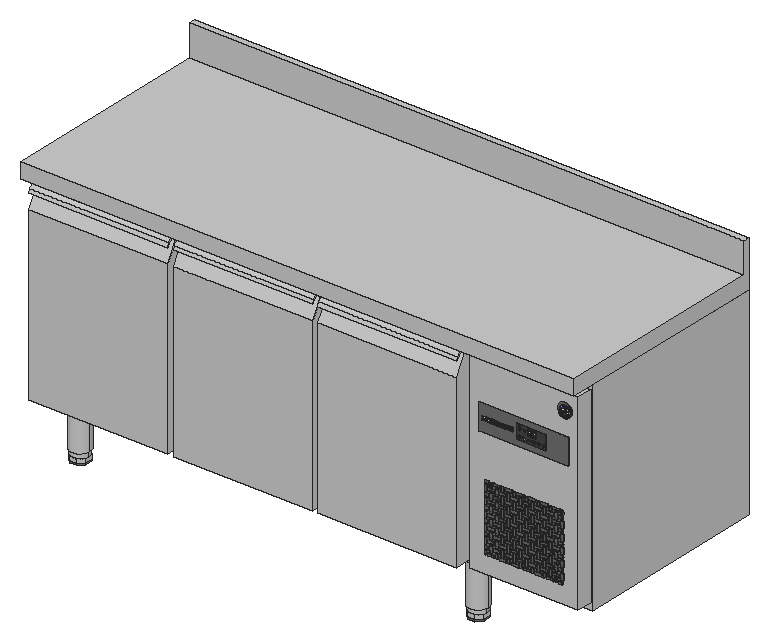
Revit family "QF_HOSHIZAKI_899020844", category Specialty Equipment, Revit 2016 (continued)
Definition of nested family "QF_HOSHIZAKI_899020844_230V_1Ph_50Hz"
  Definition of nested family "Control-panel"
    Forms (mm)
      Extrusion 1, solid
        sketch origin (-3653, 19.5, -135) x (-1, 0, 0) y (0, 0, 1)
          loop
            line (-3824.025, 276.976) -> (-3824.025, 283.976) -> (-3831.025, 283.976) -> (-3831.025, 276.976) -> (-3824.025, 276.976)
          loop
            line (-3805.025, 276.976) -> (-3805.025, 283.976) -> (-3812.025, 283.976) -> (-3812.025, 276.976) -> (-3805.025, 276.976)
          loop
            line (-3786.025, 276.976) -> (-3786.025, 283.976) -> (-3793.025, 283.976) -> (-3793.025, 276.976) -> (-3786.025, 276.976)
          loop
            line (-3767.025, 276.976) -> (-3767.025, 283.976) -> (-3774.025, 283.976) -> (-3774.025, 276.976) -> (-3767.025, 276.976)
          loop
            line (-3748.025, 276.976) -> (-3748.025, 283.976) -> (-3755.025, 283.976) -> (-3755.025, 276.976) -> (-3748.025, 276.976)
          loop
            line (-3729.025, 276.976) -> (-3729.025, 283.976) -> (-3736.025, 283.976) -> (-3736.025, 276.976) -> (-3729.025, 276.976)
          loop
            line (-3710.025, 276.976) -> (-3710.025, 283.976) -> (-3717.025, 283.976) -> (-3717.025, 276.976) -> (-3710.025, 276.976)
          loop
            arc (-3719.5, 279.986) -> (-3723, 283.486) -> (-3726.5, 279.986) r 3.5
            line (-3726.5, 279.986) -> (-3726.5, 261.986)
            arc (-3726.5, 261.986) -> (-3723, 258.486) -> (-3719.5, 261.986) r 3.5
            line (-3719.5, 261.986) -> (-3719.5, 279.986)
          loop
            arc (-3757.5, 279.986) -> (-3761, 283.486) -> (-3764.5, 279.986) r 3.5
            line (-3764.5, 279.986) -> (-3764.5, 261.986)
            arc (-3764.5, 261.986) -> (-3761, 258.486) -> (-3757.5, 261.986) r 3.5
            line (-3757.5, 261.986) -> (-3757.5, 279.986)
          loop
            arc (-3795.5, 279.986) -> (-3799, 283.486) -> (-3802.5, 279.986) r 3.5
            line (-3802.5, 279.986) -> (-3802.5, 261.986)
            arc (-3802.5, 261.986) -> (-3799, 258.486) -> (-3795.5, 261.986) r 3.5
            line (-3795.5, 261.986) -> (-3795.5, 279.986)
          loop
            arc (-3833.5, 279.986) -> (-3837, 283.486) -> (-3840.5, 279.986) r 3.5
            line (-3840.5, 279.986) -> (-3840.5, 261.986)
            arc (-3840.5, 261.986) -> (-3837, 258.486) -> (-3833.5, 261.986) r 3.5
            line (-3833.5, 261.986) -> (-3833.5, 279.986)
          loop
            arc (-3871.5, 279.986) -> (-3875, 283.486) -> (-3878.5, 279.986) r 3.5
            line (-3878.5, 279.986) -> (-3878.5, 261.986)
            arc (-3878.5, 261.986) -> (-3875, 258.486) -> (-3871.5, 261.986) r 3.5
            line (-3871.5, 261.986) -> (-3871.5, 279.986)
          loop
            arc (-3909.5, 279.986) -> (-3913, 283.486) -> (-3916.5, 279.986) r 3.5
            line (-3916.5, 279.986) -> (-3916.5, 261.986)
            arc (-3916.5, 261.986) -> (-3913, 258.486) -> (-3909.5, 261.986) r 3.5
            line (-3909.5, 261.986) -> (-3909.5, 279.986)
          loop
            arc (-3951, 292.986) -> (-3954, 289.986) -> (-3951, 286.986) r 3
            line (-3951, 286.986) -> (-3942, 286.986)
            arc (-3942, 286.986) -> (-3939, 289.986) -> (-3942, 292.986) r 3
            line (-3942, 292.986) -> (-3951, 292.986)
          loop
            arc (-3947.5, 279.986) -> (-3951, 283.486) -> (-3954.5, 279.986) r 3.5
            line (-3954.5, 279.986) -> (-3954.5, 261.986)
            arc (-3954.5, 261.986) -> (-3951, 258.486) -> (-3947.5, 261.986) r 3.5
            line (-3947.5, 261.986) -> (-3947.5, 279.986)
          loop
            arc (-3941, 274.486) -> (-3944.5, 270.986) -> (-3941, 267.486) r 3.5
            line (-3941, 267.486) -> (-3923, 267.486)
            arc (-3923, 267.486) -> (-3919.5, 270.986) -> (-3923, 274.486) r 3.5
            line (-3923, 274.486) -> (-3941, 274.486)
          loop
            arc (-3903, 274.486) -> (-3906.5, 270.986) -> (-3903, 267.486) r 3.5
            line (-3903, 267.486) -> (-3885, 267.486)
            arc (-3885, 267.486) -> (-3881.5, 270.986) -> (-3885, 274.486) r 3.5
            line (-3885, 274.486) -> (-3903, 274.486)
          loop
            arc (-3865, 274.486) -> (-3868.5, 270.986) -> (-3865, 267.486) r 3.5
            line (-3865, 267.486) -> (-3847, 267.486)
            arc (-3847, 267.486) -> (-3843.5, 270.986) -> (-3847, 274.486) r 3.5
            line (-3847, 274.486) -> (-3865, 274.486)
          loop
            arc (-3827, 274.486) -> (-3830.5, 270.986) -> (-3827, 267.486) r 3.5
            line (-3827, 267.486) -> (-3809, 267.486)
            arc (-3809, 267.486) -> (-3805.5, 270.986) -> (-3809, 274.486) r 3.5
            line (-3809, 274.486) -> (-3827, 274.486)
          loop
            arc (-3789, 274.486) -> (-3792.5, 270.986) -> (-3789, 267.486) r 3.5
            line (-3789, 267.486) -> (-3771, 267.486)
            arc (-3771, 267.486) -> (-3767.5, 270.986) -> (-3771, 274.486) r 3.5
            line (-3771, 274.486) -> (-3789, 274.486)
          loop
            arc (-3751, 274.486) -> (-3754.5, 270.986) -> (-3751, 267.486) r 3.5
            line (-3751, 267.486) -> (-3733, 267.486)
            arc (-3733, 267.486) -> (-3729.5, 270.986) -> (-3733, 274.486) r 3.5
            line (-3733, 274.486) -> (-3751, 274.486)
          loop
            arc (-3713, 274.486) -> (-3716.5, 270.986) -> (-3713, 267.486) r 3.5
            line (-3713, 267.486) -> (-3704, 267.486)
            arc (-3704, 267.486) -> (-3700.5, 270.986) -> (-3704, 274.486) r 3.5
            line (-3704, 274.486) -> (-3713, 274.486)
          loop
            line (-3938.025, 264.996) -> (-3945.025, 264.996) -> (-3945.025, 257.996) -> (-3938.025, 257.996) -> (-3938.025, 264.996)
          loop
            line (-3919.025, 264.996) -> (-3926.025, 264.996) -> (-3926.025, 257.996) -> (-3919.025, 257.996) -> (-3919.025, 264.996)
          loop
            line (-3900.025, 264.996) -> (-3907.025, 264.996) -> (-3907.025, 257.996) -> (-3900.025, 257.996) -> (-3900.025, 264.996)
          loop
            line (-3881.025, 264.996) -> (-3888.025, 264.996) -> (-3888.025, 257.996) -> (-3881.025, 257.996) -> (-3881.025, 264.996)
          loop
            line (-3862.025, 264.996) -> (-3869.025, 264.996) -> (-3869.025, 257.996) -> (-3862.025, 257.996) -> (-3862.025, 264.996)
          loop
            line (-3843.025, 264.996) -> (-3850.025, 264.996) -> (-3850.025, 257.996) -> (-3843.025, 257.996) -> (-3843.025, 264.996)
          loop
            line (-3824.025, 264.996) -> (-3831.025, 264.996) -> (-3831.025, 257.996) -> (-3824.025, 257.996) -> (-3824.025, 264.996)
          loop
            line (-3805.025, 264.996) -> (-3812.025, 264.996) -> (-3812.025, 257.996) -> (-3805.025, 257.996) -> (-3805.025, 264.996)
          loop
            line (-3786.025, 264.996) -> (-3793.025, 264.996) -> (-3793.025, 257.996) -> (-3786.025, 257.996) -> (-3786.025, 264.996)
          loop
            line (-3767.025, 264.996) -> (-3774.025, 264.996) -> (-3774.025, 257.996) -> (-3767.025, 257.996) -> (-3767.025, 264.996)
          loop
            line (-3748.025, 264.996) -> (-3755.025, 264.996) -> (-3755.025, 257.996) -> (-3748.025, 257.996) -> (-3748.025, 264.996)
          loop
            line (-3729.025, 264.996) -> (-3736.025, 264.996) -> (-3736.025, 257.996) -> (-3729.025, 257.996) -> (-3729.025, 264.996)
          loop
            line (-3710.025, 264.996) -> (-3717.025, 264.996) -> (-3717.025, 257.996) -> (-3710.025, 257.996) -> (-3710.025, 264.996)
          loop
            line (-3935.5, 260.986) -> (-3935.5, 242.986)
            arc (-3935.5, 242.986) -> (-3932, 239.486) -> (-3928.5, 242.986) r 3.5
            line (-3928.5, 242.986) -> (-3928.5, 260.986)
            arc (-3928.5, 260.986) -> (-3932, 264.486) -> (-3935.5, 260.986) r 3.5
          loop
            line (-3897.5, 260.986) -> (-3897.5, 242.986)
            arc (-3897.5, 242.986) -> (-3894, 239.486) -> (-3890.5, 242.986) r 3.5
            line (-3890.5, 242.986) -> (-3890.5, 260.986)
            arc (-3890.5, 260.986) -> (-3894, 264.486) -> (-3897.5, 260.986) r 3.5
          loop
            line (-3859.5, 260.986) -> (-3859.5, 242.986)
            arc (-3859.5, 242.986) -> (-3856, 239.486) -> (-3852.5, 242.986) r 3.5
            line (-3852.5, 242.986) -> (-3852.5, 260.986)
            arc (-3852.5, 260.986) -> (-3856, 264.486) -> (-3859.5, 260.986) r 3.5
          loop
            line (-3821.5, 260.986) -> (-3821.5, 242.986)
            arc (-3821.5, 242.986) -> (-3818, 239.486) -> (-3814.5, 242.986) r 3.5
            line (-3814.5, 242.986) -> (-3814.5, 260.986)
            arc (-3814.5, 260.986) -> (-3818, 264.486) -> (-3821.5, 260.986) r 3.5
          loop
            line (-3783.5, 260.986) -> (-3783.5, 242.986)
            arc (-3783.5, 242.986) -> (-3780, 239.486) -> (-3776.5, 242.986) r 3.5
            line (-3776.5, 242.986) -> (-3776.5, 260.986)
            arc (-3776.5, 260.986) -> (-3780, 264.486) -> (-3783.5, 260.986) r 3.5
          loop
            line (-3745.5, 260.986) -> (-3745.5, 242.986)
            arc (-3745.5, 242.986) -> (-3742, 239.486) -> (-3738.5, 242.986) r 3.5
            line (-3738.5, 242.986) -> (-3738.5, 260.986)
            arc (-3738.5, 260.986) -> (-3742, 264.486) -> (-3745.5, 260.986) r 3.5
          loop
            line (-3707.5, 260.986) -> (-3707.5, 242.986)
            arc (-3707.5, 242.986) -> (-3704, 239.486) -> (-3700.5, 242.986) r 3.5
            line (-3700.5, 242.986) -> (-3700.5, 260.986)
            arc (-3700.5, 260.986) -> (-3704, 264.486) -> (-3707.5, 260.986) r 3.5
          loop
            arc (-3922, 255.486) -> (-3925.5, 251.986) -> (-3922, 248.486) r 3.5
            line (-3922, 248.486) -> (-3904, 248.486)
            arc (-3904, 248.486) -> (-3900.5, 251.986) -> (-3904, 255.486) r 3.5
            line (-3904, 255.486) -> (-3922, 255.486)
          loop
            arc (-3884, 255.486) -> (-3887.5, 251.986) -> (-3884, 248.486) r 3.5
            line (-3884, 248.486) -> (-3866, 248.486)
            arc (-3866, 248.486) -> (-3862.5, 251.986) -> (-3866, 255.486) r 3.5
            line (-3866, 255.486) -> (-3884, 255.486)
          loop
            arc (-3846, 255.486) -> (-3849.5, 251.986) -> (-3846, 248.486) r 3.5
            line (-3846, 248.486) -> (-3828, 248.486)
            arc (-3828, 248.486) -> (-3824.5, 251.986) -> (-3828, 255.486) r 3.5
            line (-3828, 255.486) -> (-3846, 255.486)
          loop
            arc (-3808, 255.486) -> (-3811.5, 251.986) -> (-3808, 248.486) r 3.5
            line (-3808, 248.486) -> (-3790, 248.486)
            arc (-3790, 248.486) -> (-3786.5, 251.986) -> (-3790, 255.486) r 3.5
            line (-3790, 255.486) -> (-3808, 255.486)
          loop
            arc (-3770, 255.486) -> (-3773.5, 251.986) -> (-3770, 248.486) r 3.5
            line (-3770, 248.486) -> (-3752, 248.486)
            arc (-3752, 248.486) -> (-3748.5, 251.986) -> (-3752, 255.486) r 3.5
            line (-3752, 255.486) -> (-3770, 255.486)
          loop
            arc (-3732, 255.486) -> (-3735.5, 251.986) -> (-3732, 248.486) r 3.5
            line (-3732, 248.486) -> (-3714, 248.486)
            arc (-3714, 248.486) -> (-3710.5, 251.986) -> (-3714, 255.486) r 3.5
            line (-3714, 255.486) -> (-3732, 255.486)
          loop
            line (-3938.025, 238.976) -> (-3938.025, 245.976) -> (-3945.025, 245.976) -> (-3945.025, 238.976) -> (-3938.025, 238.976)
          loop
            line (-3919.025, 238.976) -> (-3919.025, 245.976) -> (-3926.025, 245.976) -> (-3926.025, 238.976) -> (-3919.025, 238.976)
          loop
            line (-3900.025, 238.976) -> (-3900.025, 245.976) -> (-3907.025, 245.976) -> (-3907.025, 238.976) -> (-3900.025, 238.976)
          loop
            line (-3881.025, 238.976) -> (-3881.025, 245.976) -> (-3888.025, 245.976) -> (-3888.025, 238.976) -> (-3881.025, 238.976)
          loop
            line (-3862.025, 238.976) -> (-3862.025, 245.976) -> (-3869.025, 245.976) -> (-3869.025, 238.976) -> (-3862.025, 238.976)
          loop
            line (-3843.025, 238.976) -> (-3843.025, 245.976) -> (-3850.025, 245.976) -> (-3850.025, 238.976) -> (-3843.025, 238.976)
          loop
            line (-3824.025, 238.976) -> (-3824.025, 245.976) -> (-3831.025, 245.976) -> (-3831.025, 238.976) -> (-3824.025, 238.976)
          loop
            line (-3805.025, 238.976) -> (-3805.025, 245.976) -> (-3812.025, 245.976) -> (-3812.025, 238.976) -> (-3805.025, 238.976)
          loop
            line (-3786.025, 238.976) -> (-3786.025, 245.976) -> (-3793.025, 245.976) -> (-3793.025, 238.976) -> (-3786.025, 238.976)
          loop
            line (-3767.025, 238.976) -> (-3767.025, 245.976) -> (-3774.025, 245.976) -> (-3774.025, 238.976) -> (-3767.025, 238.976)
          loop
            line (-3748.025, 238.976) -> (-3748.025, 245.976) -> (-3755.025, 245.976) -> (-3755.025, 238.976) -> (-3748.025, 238.976)
          loop
            line (-3729.025, 238.976) -> (-3729.025, 245.976) -> (-3736.025, 245.976) -> (-3736.025, 238.976) -> (-3729.025, 238.976)
          loop
            line (-3710.025, 238.976) -> (-3710.025, 245.976) -> (-3717.025, 245.976) -> (-3717.025, 238.976) -> (-3710.025, 238.976)
          loop
            arc (-3719.5, 241.986) -> (-3723, 245.486) -> (-3726.5, 241.986) r 3.5
            line (-3726.5, 241.986) -> (-3726.5, 223.986)
            arc (-3726.5, 223.986) -> (-3723, 220.486) -> (-3719.5, 223.986) r 3.5
            line (-3719.5, 223.986) -> (-3719.5, 241.986)
          loop
            arc (-3757.5, 241.986) -> (-3761, 245.486) -> (-3764.5, 241.986) r 3.5
            line (-3764.5, 241.986) -> (-3764.5, 223.986)
            arc (-3764.5, 223.986) -> (-3761, 220.486) -> (-3757.5, 223.986) r 3.5
            line (-3757.5, 223.986) -> (-3757.5, 241.986)
          loop
            arc (-3795.5, 241.986) -> (-3799, 245.486) -> (-3802.5, 241.986) r 3.5
            line (-3802.5, 241.986) -> (-3802.5, 223.986)
            arc (-3802.5, 223.986) -> (-3799, 220.486) -> (-3795.5, 223.986) r 3.5
            line (-3795.5, 223.986) -> (-3795.5, 241.986)
          loop
            arc (-3833.5, 241.986) -> (-3837, 245.486) -> (-3840.5, 241.986) r 3.5
            line (-3840.5, 241.986) -> (-3840.5, 223.986)
            arc (-3840.5, 223.986) -> (-3837, 220.486) -> (-3833.5, 223.986) r 3.5
            line (-3833.5, 223.986) -> (-3833.5, 241.986)
          loop
            arc (-3871.5, 241.986) -> (-3875, 245.486) -> (-3878.5, 241.986) r 3.5
            line (-3878.5, 241.986) -> (-3878.5, 223.986)
            arc (-3878.5, 223.986) -> (-3875, 220.486) -> (-3871.5, 223.986) r 3.5
            line (-3871.5, 223.986) -> (-3871.5, 241.986)
          loop
            arc (-3909.5, 241.986) -> (-3913, 245.486) -> (-3916.5, 241.986) r 3.5
            line (-3916.5, 241.986) -> (-3916.5, 223.986)
            arc (-3916.5, 223.986) -> (-3913, 220.486) -> (-3909.5, 223.986) r 3.5
            line (-3909.5, 223.986) -> (-3909.5, 241.986)
          loop
            arc (-3951, 254.986) -> (-3954, 251.986) -> (-3951, 248.986) r 3
            line (-3951, 248.986) -> (-3942, 248.986)
            arc (-3942, 248.986) -> (-3939, 251.986) -> (-3942, 254.986) r 3
            line (-3942, 254.986) -> (-3951, 254.986)
          loop
            arc (-3947.5, 241.986) -> (-3951, 245.486) -> (-3954.5, 241.986) r 3.5
            line (-3954.5, 241.986) -> (-3954.5, 223.986)
            arc (-3954.5, 223.986) -> (-3951, 220.486) -> (-3947.5, 223.986) r 3.5
            line (-3947.5, 223.986) -> (-3947.5, 241.986)
          loop
            arc (-3941, 236.486) -> (-3944.5, 232.986) -> (-3941, 229.486) r 3.5
            line (-3941, 229.486) -> (-3923, 229.486)
            arc (-3923, 229.486) -> (-3919.5, 232.986) -> (-3923, 236.486) r 3.5
            line (-3923, 236.486) -> (-3941, 236.486)
          loop
            arc (-3903, 236.486) -> (-3906.5, 232.986) -> (-3903, 229.486) r 3.5
            line (-3903, 229.486) -> (-3885, 229.486)
            arc (-3885, 229.486) -> (-3881.5, 232.986) -> (-3885, 236.486) r 3.5
            line (-3885, 236.486) -> (-3903, 236.486)
          loop
            arc (-3865, 236.486) -> (-3868.5, 232.986) -> (-3865, 229.486) r 3.5
            line (-3865, 229.486) -> (-3847, 229.486)
            arc (-3847, 229.486) -> (-3843.5, 232.986) -> (-3847, 236.486) r 3.5
            line (-3847, 236.486) -> (-3865, 236.486)
          loop
            arc (-3827, 236.486) -> (-3830.5, 232.986) -> (-3827, 229.486) r 3.5
            line (-3827, 229.486) -> (-3809, 229.486)
            arc (-3809, 229.486) -> (-3805.5, 232.986) -> (-3809, 236.486) r 3.5
            line (-3809, 236.486) -> (-3827, 236.486)
          loop
            arc (-3789, 236.486) -> (-3792.5, 232.986) -> (-3789, 229.486) r 3.5
            line (-3789, 229.486) -> (-3771, 229.486)
            arc (-3771, 229.486) -> (-3767.5, 232.986) -> (-3771, 236.486) r 3.5
            line (-3771, 236.486) -> (-3789, 236.486)
          loop
            arc (-3751, 236.486) -> (-3754.5, 232.986) -> (-3751, 229.486) r 3.5
            line (-3751, 229.486) -> (-3733, 229.486)
            arc (-3733, 229.486) -> (-3729.5, 232.986) -> (-3733, 236.486) r 3.5
            line (-3733, 236.486) -> (-3751, 236.486)
          loop
            arc (-3713, 236.486) -> (-3716.5, 232.986) -> (-3713, 229.486) r 3.5
            line (-3713, 229.486) -> (-3704, 229.486)
            arc (-3704, 229.486) -> (-3700.5, 232.986) -> (-3704, 236.486) r 3.5
            line (-3704, 236.486) -> (-3713, 236.486)
          loop
            line (-3938.025, 226.996) -> (-3945.025, 226.996) -> (-3945.025, 219.996) -> (-3938.025, 219.996) -> (-3938.025, 226.996)
          loop
            line (-3919.025, 226.996) -> (-3926.025, 226.996) -> (-3926.025, 219.996) -> (-3919.025, 219.996) -> (-3919.025, 226.996)
          loop
            line (-3900.025, 226.996) -> (-3907.025, 226.996) -> (-3907.025, 219.996) -> (-3900.025, 219.996) -> (-3900.025, 226.996)
          loop
            line (-3881.025, 226.996) -> (-3888.025, 226.996) -> (-3888.025, 219.996) -> (-3881.025, 219.996) -> (-3881.025, 226.996)
          loop
            line (-3862.025, 226.996) -> (-3869.025, 226.996) -> (-3869.025, 219.996) -> (-3862.025, 219.996) -> (-3862.025, 226.996)
          loop
            line (-3843.025, 226.996) -> (-3850.025, 226.996) -> (-3850.025, 219.996) -> (-3843.025, 219.996) -> (-3843.025, 226.996)
          loop
            line (-3824.025, 226.996) -> (-3831.025, 226.996) -> (-3831.025, 219.996) -> (-3824.025, 219.996) -> (-3824.025, 226.996)
          loop
            line (-3805.025, 226.996) -> (-3812.025, 226.996) -> (-3812.025, 219.996) -> (-3805.025, 219.996) -> (-3805.025, 226.996)
          loop
            line (-3786.025, 226.996) -> (-3793.025, 226.996) -> (-3793.025, 219.996) -> (-3786.025, 219.996) -> (-3786.025, 226.996)
          loop
            line (-3767.025, 226.996) -> (-3774.025, 226.996) -> (-3774.025, 219.996) -> (-3767.025, 219.996) -> (-3767.025, 226.996)
          loop
            line (-3748.025, 226.996) -> (-3755.025, 226.996) -> (-3755.025, 219.996) -> (-3748.025, 219.996) -> (-3748.025, 226.996)
          loop
            line (-3729.025, 226.996) -> (-3736.025, 226.996) -> (-3736.025, 219.996) -> (-3729.025, 219.996) -> (-3729.025, 226.996)
          loop
            line (-3710.025, 226.996) -> (-3717.025, 226.996) -> (-3717.025, 219.996) -> (-3710.025, 219.996) -> (-3710.025, 226.996)
          loop
            arc (-3922, 217.486) -> (-3925.5, 213.986) -> (-3922, 210.486) r 3.5
            line (-3922, 210.486) -> (-3904, 210.486)
            arc (-3904, 210.486) -> (-3900.5, 213.986) -> (-3904, 217.486) r 3.5
            line (-3904, 217.486) -> (-3922, 217.486)
          loop
            arc (-3884, 217.486) -> (-3887.5, 213.986) -> (-3884, 210.486) r 3.5
            line (-3884, 210.486) -> (-3866, 210.486)
            arc (-3866, 210.486) -> (-3862.5, 213.986) -> (-3866, 217.486) r 3.5
            line (-3866, 217.486) -> (-3884, 217.486)
          loop
            arc (-3846, 217.486) -> (-3849.5, 213.986) -> (-3846, 210.486) r 3.5
            line (-3846, 210.486) -> (-3828, 210.486)
            arc (-3828, 210.486) -> (-3824.5, 213.986) -> (-3828, 217.486) r 3.5
            line (-3828, 217.486) -> (-3846, 217.486)
          loop
            arc (-3808, 217.486) -> (-3811.5, 213.986) -> (-3808, 210.486) r 3.5
            line (-3808, 210.486) -> (-3790, 210.486)
            arc (-3790, 210.486) -> (-3786.5, 213.986) -> (-3790, 217.486) r 3.5
            line (-3790, 217.486) -> (-3808, 217.486)
          loop
            arc (-3770, 217.486) -> (-3773.5, 213.986) -> (-3770, 210.486) r 3.5
            line (-3770, 210.486) -> (-3752, 210.486)
            arc (-3752, 210.486) -> (-3748.5, 213.986) -> (-3752, 217.486) r 3.5
            line (-3752, 217.486) -> (-3770, 217.486)
          loop
            arc (-3732, 217.486) -> (-3735.5, 213.986) -> (-3732, 210.486) r 3.5
            line (-3732, 210.486) -> (-3714, 210.486)
            arc (-3714, 210.486) -> (-3710.5, 213.986) -> (-3714, 217.486) r 3.5
            line (-3714, 217.486) -> (-3732, 217.486)
          loop
            arc (-3951, 216.986) -> (-3954, 213.986) -> (-3951, 210.986) r 3
            line (-3951, 210.986) -> (-3942, 210.986)
            arc (-3942, 210.986) -> (-3939, 213.986) -> (-3942, 216.986) r 3
            line (-3942, 216.986) -> (-3951, 216.986)
          loop
            arc (-3701, 223.486) -> (-3704, 226.486) -> (-3707, 223.486) r 3
            line (-3707, 223.486) -> (-3707, 214.486)
            arc (-3707, 214.486) -> (-3704, 211.486) -> (-3701, 214.486) r 3
            line (-3701, 214.486) -> (-3701, 223.486)
          loop
            arc (-3739, 223.486) -> (-3742, 226.486) -> (-3745, 223.486) r 3
            line (-3745, 223.486) -> (-3745, 214.486)
            arc (-3745, 214.486) -> (-3742, 211.486) -> (-3739, 214.486) r 3
            line (-3739, 214.486) -> (-3739, 223.486)
          loop
            arc (-3777, 223.486) -> (-3780, 226.486) -> (-3783, 223.486) r 3
            line (-3783, 223.486) -> (-3783, 214.486)
            arc (-3783, 214.486) -> (-3780, 211.486) -> (-3777, 214.486) r 3
            line (-3777, 214.486) -> (-3777, 223.486)
          loop
            arc (-3815, 223.486) -> (-3818, 226.486) -> (-3821, 223.486) r 3
            line (-3821, 223.486) -> (-3821, 214.486)
            arc (-3821, 214.486) -> (-3818, 211.486) -> (-3815, 214.486) r 3
            line (-3815, 214.486) -> (-3815, 223.486)
          loop
            arc (-3853, 223.486) -> (-3856, 226.486) -> (-3859, 223.486) r 3
            line (-3859, 223.486) -> (-3859, 214.486)
            arc (-3859, 214.486) -> (-3856, 211.486) -> (-3853, 214.486) r 3
            line (-3853, 214.486) -> (-3853, 223.486)
          loop
            arc (-3891, 223.486) -> (-3894, 226.486) -> (-3897, 223.486) r 3
            line (-3897, 223.486) -> (-3897, 214.486)
            arc (-3897, 214.486) -> (-3894, 211.486) -> (-3891, 214.486) r 3
            line (-3891, 214.486) -> (-3891, 223.486)
          loop
            arc (-3929, 223.486) -> (-3932, 226.486) -> (-3935, 223.486) r 3
            line (-3935, 223.486) -> (-3935, 214.486)
            arc (-3935, 214.486) -> (-3932, 211.486) -> (-3929, 214.486) r 3
            line (-3929, 214.486) -> (-3929, 223.486)
        from 5.5 to 7.5
      Extrusion 2, solid
        sketch origin (-1812, 19.5, -302.5) x (-1, 0, 0) y (0, 0, 1)
          loop
            line (-2131, 808) -> (-2131, 731)
            arc (-2131, 731) -> (-2130.121, 728.879) -> (-2128, 728) r 3
            line (-2128, 728) -> (-1845, 728)
            arc (-1845, 728) -> (-1842.879, 728.879) -> (-1842, 731) r 3
            line (-1842, 731) -> (-1842, 808)
            arc (-1842, 808) -> (-1842.879, 810.121) -> (-1845, 811) r 3
            line (-1845, 811) -> (-2128, 811)
            arc (-2128, 811) -> (-2130.121, 810.121) -> (-2131, 808) r 3
        from 5.5 to 7.5
      Extrusion 3, solid
        sketch origin (-1721.829, 19.5, -302.5) x (-1, 0, 0) y (0, 0, 1)
          loop
            line (-1873, 793) -> (-1968.159, 793) -> (-1968.159, 746) -> (-1873, 746) -> (-1873, 793)
        from 5 to 7.5
      Extrusion 4, solid, visible <- "Show Logo"
        sketch origin (-1807, 19.5, -188.5) x (-1, 0, 0) y (0, 0, 1)
          loop
            circle (-2113.5, 769.5) r 13.99
        from 4.5 to 6
      Extrusion 5, solid, visible <- "Show Logo"
        sketch origin (-1807, 19.5, -188.5) x (-1, 0, 0) y (0, 0, 1)
          loop
            circle (-2113.5, 769.5) r 15
          loop
            line (-2126.5, 769.5) -> (-2120.846, 773.459) -> (-2118.907, 773.459) -> (-2118.036, 763.497) -> (-2119.632, 763.497) -> (-2117.808, 760.891) -> (-2122.091, 759.743)
            arc (-2122.091, 759.743) -> (-2112.99, 756.51) -> (-2104.171, 760.446) r 13
            line (-2104.171, 760.446) -> (-2111.913, 760.446) -> (-2113.024, 758.523) -> (-2117.6, 758.523) -> (-2113.951, 764.843) -> (-2112.168, 762.297) -> (-2110.969, 763.497) -> (-2112.161, 767.945) -> (-2112.983, 771.014) -> (-2114.045, 774.979) -> (-2115.629, 777.241) -> (-2111.344, 777.241) -> (-2110.01, 772.26) -> (-2108.361, 772.26) -> (-2107.029, 770.928) -> (-2104.038, 769.201) -> (-2103.03, 765.437) -> (-2100.604, 767.863)
            arc (-2100.604, 767.863) -> (-2112.68, 782.474) -> (-2126.5, 769.5) r 13
          loop
            arc (-2125.531, 764.467) -> (-2124.506, 762.602) -> (-2123.241, 760.891) r 15.828
            line (-2123.241, 760.891) -> (-2121.071, 768.926) -> (-2125.531, 764.467)
          loop
            line (-2109.801, 769.877) -> (-2109.801, 764.664) -> (-2108.483, 768.285) -> (-2106.744, 769.399) -> (-2109.801, 769.877)
          loop
            line (-2108.558, 762.979) -> (-2105.47, 762.035) -> (-2104.504, 761.224) -> (-2103.812, 761.916) -> (-2105.089, 763.908) -> (-2108.558, 762.979)
          loop
            line (-2110.775, 779.307) -> (-2108.457, 780.388) -> (-2110.775, 781.009) -> (-2110.775, 779.307)
          loop
            line (-2113.024, 781.662) -> (-2115.087, 781.11) -> (-2114.199, 779.205) -> (-2112.584, 779.638) -> (-2113.79, 780.335) -> (-2113.024, 781.662)
          loop
            line (-2113.762, 753.783) -> (-2114.844, 752.701) -> (-2116.385, 752.701) -> (-2115.329, 751.645) -> (-2115.642, 749.874) -> (-2113.762, 750.959) -> (-2111.881, 749.874) -> (-2112.194, 751.645) -> (-2111.138, 752.701) -> (-2112.679, 752.701) -> (-2113.762, 753.783)
          loop
            line (-2126.524, 760.7) -> (-2128.032, 760.965) -> (-2128.916, 762.228) -> (-2129.176, 760.757) -> (-2130.805, 759.997) -> (-2128.838, 759.08) -> (-2128.648, 756.917) -> (-2127.377, 758.188) -> (-2125.906, 757.929) -> (-2126.79, 759.191) -> (-2126.524, 760.7)
          loop
            line (-2120.989, 755.68) -> (-2122.45, 755.219) -> (-2123.816, 755.931) -> (-2123.367, 754.507) -> (-2124.462, 753.08) -> (-2122.293, 753.175) -> (-2121.127, 751.344) -> (-2120.586, 753.059) -> (-2119.162, 753.508) -> (-2120.529, 754.219) -> (-2120.989, 755.68)
          loop
            line (-2100.476, 760.7) -> (-2100.21, 759.191) -> (-2101.094, 757.929) -> (-2099.623, 758.188) -> (-2098.352, 756.917) -> (-2098.162, 759.08) -> (-2096.195, 759.997) -> (-2097.824, 760.757) -> (-2098.084, 762.228) -> (-2098.968, 760.965) -> (-2100.476, 760.7)
          loop
            line (-2106.011, 755.68) -> (-2106.471, 754.219) -> (-2107.838, 753.508) -> (-2106.414, 753.059) -> (-2105.873, 751.344) -> (-2104.707, 753.175) -> (-2102.538, 753.08) -> (-2103.633, 754.507) -> (-2103.184, 755.931) -> (-2104.55, 755.219) -> (-2106.011, 755.68)
        from 4 to 6
      Extrusion 6, solid, visible <- "Show Logo"
        sketch origin (-1807, 19.5, -188.5) x (-1, 0, 0) y (0, 0, 1)
          loop
            line (-2110.775, 781.009) -> (-2112.201, 782.435)
            arc (-2112.201, 782.435) -> (-2113.187, 782.496) -> (-2114.172, 782.435) r 8.046
            arc (-2114.172, 782.435) -> (-2116.517, 781.025) -> (-2117.04, 778.339) r 3.366
            line (-2117.04, 778.339) -> (-2118.907, 773.459) -> (-2117.808, 760.891) -> (-2119.436, 758.565) -> (-2117.576, 758.565) -> (-2113.951, 764.843) -> (-2112.168, 762.297) -> (-2110.969, 763.497) -> (-2114.045, 774.979) -> (-2115.629, 777.241) -> (-2111.299, 777.241) -> (-2110.775, 779.307) -> (-2110.775, 781.009)
          loop
            line (-2116.531, 758.523) -> (-2117.14, 757.468) -> (-2111.822, 757.468) -> (-2112.761, 758.407) -> (-2109.605, 758.407) -> (-2110.682, 759.485) -> (-2112.469, 759.485) -> (-2113.024, 758.523) -> (-2116.531, 758.523)
          loop
            line (-2113.024, 781.662) -> (-2115.087, 781.11) -> (-2114.199, 779.205) -> (-2112.584, 779.638) -> (-2113.79, 780.335) -> (-2113.024, 781.662)
        from 4 to 6
      Extrusion 7, solid, visible <- "Show Logo"
        sketch origin (-1807, 19.5, -188.5) x (-1, 0, 0) y (0, 0, 1)
          loop
            circle (-2113.5, 769.5) r 22.5
        from 5 to 7.5
      Extrusion 8, solid
        sketch origin (-1721.829, 19.5, -302.5) x (-1, 0, 0) y (0, 0, 1)
          loop
            line (-1897.356, 754.233) -> (-1901.676, 760.18) -> (-1902.485, 759.592) -> (-1897.356, 752.532) -> (-1892.226, 759.592) -> (-1893.035, 760.18) -> (-1897.356, 754.233)
          loop
            line (-1895.298, 779.667) -> (-1903.298, 779.667) -> (-1899.298, 774.161) -> (-1895.298, 779.667)
          loop
            arc (-1884, 780.828) -> (-1883, 775) -> (-1882, 780.828) r 3
            line (-1882, 780.828) -> (-1882, 789)
            arc (-1882, 789) -> (-1883, 790) -> (-1884, 789) r 1
            line (-1884, 789) -> (-1884, 780.828)
          loop
            line (-1936.977, 758.753) -> (-1936.977, 757.753) -> (-1935.558, 757.753) -> (-1935.558, 753.753) -> (-1934.558, 753.753) -> (-1934.558, 757.753) -> (-1933.139, 757.753) -> (-1933.139, 758.753) -> (-1936.977, 758.753)
          loop
            line (-1932.115, 758.753) -> (-1932.115, 757.753) -> (-1929.56, 757.753) -> (-1929.56, 756.753) -> (-1932.115, 756.753) -> (-1932.115, 755.753) -> (-1929.56, 755.753) -> (-1929.56, 754.846) -> (-1932.115, 754.846) -> (-1932.115, 753.959) -> (-1928.597, 753.959) -> (-1928.597, 758.753) -> (-1932.115, 758.753)
          loop
            arc (-1924.65, 754.079) -> (-1924.044, 754.636) -> (-1923.817, 755.427) r 1.523
            line (-1923.817, 755.427) -> (-1924.894, 755.427)
            arc (-1924.894, 755.427) -> (-1925.223, 754.677) -> (-1926.036, 754.57) r 0.834
            arc (-1926.036, 754.57) -> (-1926.426, 755.149) -> (-1926.036, 755.728) r 0.624
            line (-1926.036, 755.728) -> (-1924.4, 756.389)
            arc (-1924.4, 756.389) -> (-1923.819, 757.429) -> (-1924.4, 758.468) r 1.22
            arc (-1924.4, 758.468) -> (-1925.609, 758.837) -> (-1926.845, 758.566) r 2.5
            arc (-1926.845, 758.566) -> (-1927.43, 758.007) -> (-1927.61, 757.218) r 1.408
            line (-1927.61, 757.218) -> (-1926.501, 757.218)
            arc (-1926.501, 757.218) -> (-1926.119, 757.761) -> (-1925.46, 757.843) r 0.819
            arc (-1925.46, 757.843) -> (-1925.082, 757.298) -> (-1925.527, 756.805) r 0.534
            arc (-1925.527, 756.805) -> (-1926.174, 756.645) -> (-1926.79, 756.389) r 4.401
            arc (-1926.79, 756.389) -> (-1927.499, 755.234) -> (-1926.79, 754.079) r 1.296
            arc (-1926.79, 754.079) -> (-1925.72, 753.823) -> (-1924.65, 754.079) r 2.364
          loop
            line (-1958.87, 752.532) -> (-1958.87, 755.934)
            arc (-1958.87, 755.934) -> (-1958.222, 756.503) -> (-1957.723, 757.207) r 3.697
            arc (-1957.723, 757.207) -> (-1957.553, 757.851) -> (-1957.699, 758.502) r 1.401
            arc (-1957.699, 758.502) -> (-1958.144, 759.265) -> (-1958.709, 759.944) r 5.307
            arc (-1958.709, 759.944) -> (-1959.239, 760.424) -> (-1959.82, 760.841) r 6.284
            arc (-1959.82, 760.841) -> (-1960.356, 760.997) -> (-1960.892, 760.841) r 1
            arc (-1960.892, 760.841) -> (-1961.473, 760.424) -> (-1962.003, 759.944) r 6.284
            arc (-1962.003, 759.944) -> (-1962.568, 759.265) -> (-1963.013, 758.502) r 5.307
            arc (-1963.013, 758.502) -> (-1963.159, 757.851) -> (-1962.988, 757.207) r 1.401
            arc (-1962.988, 757.207) -> (-1962.49, 756.503) -> (-1961.842, 755.934) r 3.697
            line (-1961.842, 755.934) -> (-1961.842, 752.532) -> (-1958.87, 752.532)
          loop
            line (-1882.858, 757.309) -> (-1881.853, 757.309) -> (-1881.853, 762) -> (-1882.858, 762) -> (-1882.858, 757.309)
          loop
            line (-1881.418, 759.222) -> (-1881.418, 760.609)
            arc (-1881.418, 760.609) -> (-1882.356, 752) -> (-1883.294, 760.609) r 4.356
            line (-1883.294, 760.609) -> (-1883.294, 759.222)
            arc (-1883.294, 759.222) -> (-1882.356, 753.34) -> (-1881.418, 759.222) r 3.016
          loop
            line (-1942.482, 755.817) -> (-1943.482, 755.817) -> (-1943.482, 752.817) -> (-1942.482, 752.817) -> (-1942.482, 755.817)
          loop
            line (-1944.856, 754.447) -> (-1945.856, 754.447) -> (-1945.856, 751.447) -> (-1944.856, 751.447) -> (-1944.856, 754.447)
          loop
            line (-1948.23, 755.817) -> (-1948.23, 752.817) -> (-1947.23, 752.817) -> (-1947.23, 755.817) -> (-1948.23, 755.817)
          loop
            line (-1945.356, 755.607) -> (-1942.858, 757.356) -> (-1943.431, 758.175) -> (-1945.356, 756.827) -> (-1947.28, 758.175) -> (-1947.854, 757.356) -> (-1945.356, 755.607)
          loop
            line (-1945.356, 758.296) -> (-1943.128, 760.523) -> (-1943.835, 761.23) -> (-1945.356, 759.71) -> (-1946.876, 761.23) -> (-1947.583, 760.523) -> (-1945.356, 758.296)
          loop
            line (-1912.356, 758.479) -> (-1908.035, 752.532) -> (-1907.226, 753.12) -> (-1912.356, 760.18) -> (-1917.485, 753.12) -> (-1916.676, 752.532) -> (-1912.356, 758.479)
          loop
            line (-1919.965, 768) -> (-1908.298, 768) -> (-1908.298, 779.667) -> (-1916.632, 779.667) -> (-1916.632, 784.667) -> (-1908.298, 784.667) -> (-1908.298, 788) -> (-1919.965, 788) -> (-1919.965, 776.333) -> (-1911.632, 776.333) -> (-1911.632, 771.333) -> (-1919.965, 771.333) -> (-1919.965, 768)
          loop
            line (-1934.965, 768) -> (-1923.298, 768) -> (-1923.298, 779.667) -> (-1931.632, 779.667) -> (-1931.632, 784.667) -> (-1923.298, 784.667) -> (-1923.298, 788) -> (-1934.965, 788) -> (-1934.965, 776.333) -> (-1926.632, 776.333) -> (-1926.632, 771.333) -> (-1934.965, 771.333) -> (-1934.965, 768)
        from 5 to 7.5
      Extrusion 9, solid, visible <- "Show Logo"
        sketch origin (5.605, 25.5, -94.508) x (-1, 0, 0) y (0, 0, 1)
          loop
            line (-34.966, 567.015) -> (-40.766, 567.015) -> (-40.766, 565.73) -> (-38.944, 564.902) -> (-38.944, 562.682) -> (-43.554, 562.682) -> (-43.554, 564.902) -> (-41.731, 565.73) -> (-41.731, 567.015) -> (-47.532, 567.015) -> (-47.532, 565.73) -> (-46.098, 564.902) -> (-46.098, 558.114) -> (-47.532, 557.286) -> (-47.532, 556) -> (-41.731, 556) -> (-41.731, 557.286) -> (-43.554, 558.114) -> (-43.554, 560.673) -> (-38.944, 560.673) -> (-38.944, 558.114) -> (-40.766, 557.286) -> (-40.766, 556) -> (-34.966, 556) -> (-34.966, 557.286) -> (-36.4, 558.114) -> (-36.4, 564.902) -> (-34.966, 565.73) -> (-34.966, 567.015)
          loop
            spline (-53.399, 556.042) -> (-51.878, 556.229) -> (-50.461, 556.777) -> (-49.244, 557.649) -> (-48.31, 558.785) -> (-47.723, 560.108) -> (-47.523, 561.528) -> (-47.723, 562.949) -> (-48.31, 564.272) -> (-49.244, 565.408) -> (-50.461, 566.28) -> (-51.878, 566.828) -> (-53.399, 567.015)
            spline (-53.399, 567.015) -> (-54.92, 566.828) -> (-56.337, 566.28) -> (-57.554, 565.408) -> (-58.488, 564.272) -> (-59.075, 562.949) -> (-59.276, 561.528) -> (-59.075, 560.108) -> (-58.488, 558.785) -> (-57.554, 557.649) -> (-56.337, 556.777) -> (-54.92, 556.229) -> (-53.399, 556.042)
          loop
            spline (-53.299, 557.388) -> (-52.547, 557.529) -> (-51.847, 557.943) -> (-51.245, 558.601) -> (-50.784, 559.458) -> (-50.493, 560.457) -> (-50.394, 561.528) -> (-50.493, 562.6) -> (-50.784, 563.598) -> (-51.245, 564.456) -> (-51.847, 565.114) -> (-52.547, 565.527) -> (-53.299, 565.668)
            spline (-53.299, 565.668) -> (-54.051, 565.527) -> (-54.752, 565.114) -> (-55.353, 564.456) -> (-55.815, 563.598) -> (-56.105, 562.6) -> (-56.204, 561.528) -> (-56.105, 560.457) -> (-55.815, 559.458) -> (-55.353, 558.601) -> (-54.752, 557.943) -> (-54.051, 557.529) -> (-53.299, 557.388)
          loop
            line (-69.829, 567.094) -> (-69.829, 563.369) -> (-68.139, 563.369) -> (-66.541, 565.495)
            arc (-66.541, 565.495) -> (-65.019, 565.695) -> (-63.498, 565.495) r 5.879
            arc (-63.498, 565.495) -> (-62.682, 564.432) -> (-63.498, 563.369) r 1.1
            line (-63.498, 563.369) -> (-69.29, 561.817)
            arc (-69.29, 561.817) -> (-70.234, 559.317) -> (-69.29, 556.817) r 3.783
            arc (-69.29, 556.817) -> (-65.84, 555.742) -> (-62.391, 556.817) r 6.071
            line (-62.391, 556.817) -> (-61.743, 556.17) -> (-59.855, 556.17) -> (-59.855, 559.779) -> (-61.862, 559.779) -> (-63.839, 557.802)
            arc (-63.839, 557.802) -> (-65.344, 557.537) -> (-66.85, 557.802) r 4.401
            arc (-66.85, 557.802) -> (-67.476, 558.697) -> (-66.85, 559.592) r 0.953
            line (-66.85, 559.592) -> (-61.612, 561.499)
            arc (-61.612, 561.499) -> (-59.989, 563.999) -> (-61.612, 566.499) r 2.737
            arc (-61.612, 566.499) -> (-64.578, 567.129) -> (-67.544, 566.499) r 7.289
            line (-67.544, 566.499) -> (-68.139, 567.094) -> (-69.829, 567.094)
          loop
            line (-71.301, 567.015) -> (-77.102, 567.015) -> (-77.102, 565.73) -> (-75.279, 564.902) -> (-75.279, 562.682) -> (-79.89, 562.682) -> (-79.89, 564.902) -> (-78.067, 565.73) -> (-78.067, 567.015) -> (-83.867, 567.015) -> (-83.867, 565.73) -> (-82.433, 564.902) -> (-82.433, 558.114) -> (-83.867, 557.286) -> (-83.867, 556) -> (-78.067, 556) -> (-78.067, 557.286) -> (-79.89, 558.114) -> (-79.89, 560.673) -> (-75.279, 560.673) -> (-75.279, 558.114) -> (-77.102, 557.286) -> (-77.102, 556) -> (-71.301, 556) -> (-71.301, 557.286) -> (-72.736, 558.114) -> (-72.736, 564.902) -> (-71.301, 565.73) -> (-71.301, 567.015)
          loop
            line (-90.776, 567.015) -> (-90.776, 565.73) -> (-89.342, 564.902) -> (-89.342, 558.114) -> (-90.776, 557.286) -> (-90.776, 556) -> (-84.989, 556) -> (-84.989, 557.286) -> (-86.423, 558.114) -> (-86.423, 564.902) -> (-84.989, 565.73) -> (-84.989, 567.015) -> (-90.776, 567.015)
          loop
            line (-92.073, 567.015) -> (-101.842, 567.015) -> (-101.842, 565.297) -> (-95.543, 557.791) -> (-98.873, 557.791) -> (-100.144, 558.681) -> (-100.144, 560.456) -> (-101.842, 560.456) -> (-101.842, 556) -> (-92.073, 556) -> (-92.073, 557.791) -> (-97.907, 564.744) -> (-97.907, 565.637) -> (-94.625, 565.637) -> (-93.746, 564.758) -> (-93.746, 562.341) -> (-92.073, 562.341) -> (-92.073, 567.015)
          loop
            line (-102.808, 556) -> (-102.808, 557.427) -> (-103.934, 557.427) -> (-107.808, 567.015) -> (-109.97, 567.015) -> (-113.886, 557.791) -> (-114.741, 557.791) -> (-114.741, 556) -> (-109.113, 556) -> (-109.113, 557.427) -> (-110.221, 557.427) -> (-111.13, 558.335) -> (-110.247, 559.596) -> (-106.153, 559.596) -> (-105.593, 558.058) -> (-106.224, 557.427) -> (-107.808, 557.427) -> (-107.808, 556) -> (-102.808, 556)
          loop
            line (-115.159, 567.015) -> (-120.444, 567.015) -> (-120.444, 565.595) -> (-119.405, 565.595) -> (-119.405, 561.351) -> (-123.648, 565.595) -> (-122.274, 565.595) -> (-122.274, 567.015) -> (-127.274, 567.015) -> (-127.274, 565.595) -> (-125.79, 565.595) -> (-123.002, 562.806) -> (-127.274, 557.791) -> (-128.486, 557.791) -> (-128.486, 556) -> (-122.274, 556) -> (-122.274, 557.791) -> (-123.993, 557.791) -> (-120.99, 560.794) -> (-119.405, 559.209) -> (-119.405, 557.791) -> (-120.444, 557.791) -> (-120.444, 556) -> (-115.444, 556) -> (-115.444, 557.791) -> (-116.869, 557.791) -> (-116.869, 565.595) -> (-115.159, 565.595) -> (-115.159, 567.015)
          loop
            line (-135, 567.015) -> (-135, 565.73) -> (-133.566, 564.902) -> (-133.566, 558.114) -> (-135, 557.286) -> (-135, 556) -> (-129.213, 556) -> (-129.213, 557.286) -> (-130.648, 558.114) -> (-130.648, 564.902) -> (-129.213, 565.73) -> (-129.213, 567.015) -> (-135, 567.015)
          loop
            line (-108.15, 564.538) -> (-109.61, 561.096) -> (-106.759, 561.096) -> (-108.15, 564.538)
        from 1 to -1
    Dimensions and locks
      plane 4 to plane 2 = 650 mm
      plane 4 to level = 650 mm
      aligned and locked: level to plane 2
Definition of nested family "QF_HOSHIZAKI_ADVANCE_REF-COUNTER-WORKTOPS"
  Parameters (values of type "760660205")
    Worktop without backsplash = no
    Worktop with backsplash = yes
    Worktop thickness [instance] = 50 mm
    Without worktop = no
    Weight [instance] = 0.00 kg
    URL Cutsheet [instance] = ""
    URL = "www.hoshizaki-europe.com"
    Status [instance] = ""
    Specification by User [instance] = ""
    Specification by Manufacturer [instance] = ""
    Serial Number [instance] = ""
    Seismic Rating [instance] = ""
    SMACNA No [instance] = ""
    Revision Code [instance] = ""
    NAFEM Spec ID Number [instance] = ""
    Model = "760660205"
    Masterspec [instance] = ""
    Manufacturer = "HOSHIZAKI"
    Length Actual [instance] = 1780 mm
    Item Number [instance] = ""
    Installed By [instance] = ""
    Identify Quantity as Lot [instance] = no
    Height Actual [instance] = 50 mm
    Furnished By [instance] = ""
    Foodservice Equipment Identifier [instance] = no
    Description = "FLAT WORKTOP WITH 100 MM SPLASHBACK FOR ACR 180 (AISI 430)"
    Depth Actual [instance] = 700 mm
    Cost = 0
    CSI MasterFormat [instance] = ""
    Backsplash thickness [instance] = 20 mm
    Backsplash height [instance] = 100 mm
    Assembly Code = "E1090320"
    Accessory [instance] = yes
  Reference planes
    plane 1 "Back": y = 0
    plane 2: z = 0
    plane 3 "Left": x = 0
    plane 4 "Right": x = 1780
    plane 5 "Front": y = -700
    plane 6 "Top": z = 50
    plane 7 "Backsplash thickness": y = -20
    plane 8 "Upright height": z = 150
    plane 9 "Center Left Right": x = 890
  Forms (mm)
    Extrusion 1, solid, visible <- "Worktop with backsplash"
      sketch origin (0, 0, 0) x (0, 1, 0) y (0, 0, 1)
        loop
          line (0, 150) -> (-20, 150) -> (-20, 50) -> (-700, 50) -> (-700, 0) -> (0, 0) -> (0, 150)
      from 0 to 1780
    Extrusion 2, solid, visible <- "Worktop without backsplash"
      sketch origin (0, 0, 0) x (0, 1, 0) y (0, 0, 1)
        loop
          line (0, 0) -> (0, 50) -> (-700, 50) -> (-700, 0) -> (0, 0)
      from 0 to 1780
  Lines and regions (mm)
    Masking region 1, visible <- "Worktop with backsplash"
      outline origin (0, 0, 50) x (0, 1, 0) y (-1, 0, 0)
        loop
          line (0, 0) -> (-700, 0) -> (-700, -1780) -> (0, -1780) -> (0, 0)
    Masking region 2, visible <- "Worktop without backsplash"
      outline origin (0, 0, 50) x (0, 1, 0) y (-1, 0, 0)
        loop
          line (0, 0) -> (-700, 0) -> (-700, -1780) -> (0, -1780) -> (0, 0)
    symbolic lines, visible <- "Worktop with backsplash"
      curve 1: line (0, 0, 0) -> (1780, 0, 0)
      curve 2: line (1780, 0, 0) -> (1780, -700, 0)
      curve 3: line (1780, -700, 0) -> (0, -700, 0)
      curve 4: line (0, -700, 0) -> (0, 0, 0)
      curve 5: line (0, -20, 0) -> (1780, -20, 0)
    symbolic lines, visible <- "Worktop without backsplash"
      curve 6: line (0, 0, 0) -> (1780, 0, 0)
      curve 7: line (1780, 0, 0) -> (1780, -700, 0)
      curve 8: line (1780, -700, 0) -> (0, -700, 0)
      curve 9: line (0, -700, 0) -> (0, 0, 0)
    symbolic lines, visible <- "Without worktop"
      curve 10: line (0, 0, 0) -> (1780, 0, 0)
      curve 11: line (1780, 0, 0) -> (1780, -700, 0)
      curve 12: line (1780, -700, 0) -> (0, -700, 0)
      curve 13: line (0, -700, 0) -> (0, 0, 0)
    reference lines
      curve 14: line (890, 0, 150) -> (890, -20, 150)
      curve 15: line (0, -700, 50) -> (1780, -700, 50)
      curve 16: line (1780, -700, 50) -> (1780, 0, 50)
      curve 17: line (0, -700, 50) -> (0, 0, 50)
      curve 18: line (0, 0, 50) -> (1780, 0, 50)
      curve 19: line (890, 0, 50) -> (890, -700, 50)
  Dimensions and locks
    "Length Actual": plane 3 "Left" to plane 4 "Right"
    "Depth Actual": plane 5 "Front" to plane 1 "Back"
    "Backsplash thickness": plane 7 "Backsplash thickness" to plane 1 "Back"
    "Backsplash height": plane 8 "Upright height" to plane 6 "Top"
    "Backsplash height": curve 14 to plane 6 "Top"
    "Depth Actual": curve 15 to plane 1 "Back"
    "Length Actual": plane 3 "Left" to curve 16
    "Length Actual": curve 17 to plane 4 "Right"
    "Depth Actual": curve 18 to plane 5 "Front"
    equal spacing: plane 3 "Left", plane 9 "Center Left Right", plane 4 "Right"
    "Worktop thickness": plane 6 "Top" to plane 2
    "Worktop thickness": curve 19 to plane 2
    aligned and locked: level to plane 2
    aligned and locked: Extrusion 1 to plane 4 "Right"
    aligned and locked: Extrusion 1 sketch curve to plane 7 "Backsplash thickness"
    aligned and locked: curve 5 to plane 7 "Backsplash thickness"
    aligned and locked: plane 8 "Upright height" to Extrusion 1 sketch curve
    aligned and locked: plane 6 "Top" to Extrusion 1 sketch curve
    aligned and locked: plane 6 "Top" to Extrusion 2 sketch curve
    aligned and locked: Extrusion 2 sketch curve to plane 1 "Back"
    aligned and locked: Extrusion 2 sketch curve to plane 5 "Front"
    aligned and locked: Extrusion 2 to plane 4 "Right"
    aligned and locked: Masking region 1 sketch curve to Extrusion 1  (x4)
    aligned and locked: Masking region 2 sketch curve to Extrusion 1  (x4)
    aligned and locked: Extrusion 2 sketch curve to plane 2
    aligned and locked: Extrusion 1 sketch curve to plane 2
  Automatic sketch dimensions
    plane 1 "Back" to curve 1 = 0 mm
    curve 13 to plane 3 "Left" = 0 mm
    curve 7 to plane 4 "Right" = 0 mm
    curve 13 to plane 5 "Front" = 0 mm
    Extrusion 1 sketch curve to plane 1 "Back" = 0 mm
    plane 5 "Front" to Extrusion 1 sketch curve = 0 mm
    curve 19 to plane 1 "Back" = 0 mm
    curve 14 to plane 1 "Back" = 0 mm
    curve 14 to plane 7 "Backsplash thickness" = 0 mm
    curve 19 to plane 5 "Front" = 0 mm
Definition of nested family "QF_HOSHIZAKI_ADVANCE_REF-COUNTER-DOORS-DRAWERS"
  Parameters (values of type "760660485-R")
    Weight [instance] = 0.00 kg
    URL Cutsheet [instance] = ""
    URL = "www.hoshizaki-europe.com"
    Status [instance] = ""
    Specification by User [instance] = ""
    Specification by Manufacturer [instance] = ""
    Serial Number [instance] = ""
    Seismic Rating [instance] = ""
    Section size [instance] = 446 mm
    Section [instance] = 2
    SMACNA No [instance] = ""
    Right hand hinged glass door [instance] = Section = 7  # no
    Right hand hinged door [instance] = Section = 2  # yes
    Revision Code [instance] = ""
    NAFEM Spec ID Number [instance] = ""
    Model = "760660485"
    Masterspec [instance] = ""
    Manufacturer = "HOSHIZAKI"
    Length Actual [instance] = 0 mm
    Left hand hinged glass door [instance] = Section = 6  # no
    Left hand hinged door [instance] = or(Section > 7, Section < 2)  # no
    Item Number [instance] = ""
    Installed By [instance] = ""
    Identify Quantity as Lot [instance] = no
    Height Actual [instance] = 0 mm
    Furnished By [instance] = ""
    Foodservice Equipment Identifier [instance] = no
    Description = "DOOR SECTION - RIGHT OPENING DOOR FOR ADVANCE COUNTER"
    Depth Actual [instance] = 0 mm
    Cost = 0
    CSI MasterFormat [instance] = ""
    Assembly Code = "E1090320"
    Accessory [instance] = yes
    3 Drawers [instance] = Section = 5  # no
    2 Drawers 1-3 and 2-3 [instance] = Section = 4  # no
    2 Drawers [instance] = Section = 3  # no
  Reference planes
    plane 1 "Back": y = 0
    plane 2: z = 0
    plane 3 "Left": x = 0
    plane 4 "Right": x = 446
    plane 5 "Front": y = 0
    plane 6 "Top": z = 700
    plane 7 "Front door": y = 80
  Dimensions and locks
    "Section size": plane 3 "Left" to plane 4 "Right"
    plane 6 "Top" to level = 700 mm
    locked: plane 7 "Front door" to plane 5 "Front" at 80
    aligned and locked: level to plane 2
    aligned and locked: plane 1 "Back" to nested 1
    aligned and locked: plane 3 "Left" to nested 1
    aligned and locked: plane 1 "Back" to nested 2
    aligned and locked: plane 3 "Left" to nested 2
    aligned and locked: plane 1 "Back" to nested 3
    aligned and locked: plane 3 "Left" to nested 3
    aligned and locked: plane 1 "Back" to nested 4
    aligned and locked: plane 3 "Left" to nested 4
    aligned and locked: plane 3 "Left" to nested 5
    aligned and locked: plane 1 "Back" to nested 5
    aligned and locked: plane 3 "Left" to nested 6
    aligned and locked: plane 1 "Back" to nested 6
    aligned and locked: plane 3 "Left" to nested 7
    aligned and locked: plane 1 "Back" to nested 7
  Nested families
    nested 1: "Right_Door" at (0, 0, 0), Section size <- "Section size", type "Right door"
      with Worktop thickness 50 mm, Section size 446 mm, Legs height 0 mm, Height Actual 700 mm, Depth Actual 0 mm
    nested 2: "Left_Door" at (0, 0, 0), Section size <- "Section size", type "Left door"
      with Worktop thickness 50 mm, Section size 446 mm, Legs height 0 mm, Height Actual 700 mm, Depth Actual 0 mm
    nested 3: "3_Drawers_1-3" at (0, 0, 0), Section size <- "Section size", type "3 Drawers 1-3"
      with Worktop thickness 50 mm, Section size 446 mm, Legs height 0 mm, Height Actual 700 mm, Depth Actual 0 mm
    nested 4: "2_Drawers_1-2" at (0, 0, 0), Section size <- "Section size", type "2 Drawers 1-2"
      with Worktop thickness 50 mm, Section size 446 mm, Legs height 0 mm, Height Actual 700 mm, Depth Actual 0 mm
    nested 5: "3_Drawers_1-3_2-3" at (0, 0, 0), Section size <- "Section size", type "2 Drawers 1-3 and 2-3"
      with Worktop thickness 40 mm, Section size 446 mm, Legs height 0 mm, Height Actual 750 mm, Depth Actual 0 mm
    nested 6: "Right_Glass_Door" at (0, 0, 0), Section size <- "Section size", type "Right glass door"
      with Worktop thickness 40 mm, Section size 446 mm, Legs height 0 mm, Height Actual 750 mm, Depth Actual 0 mm
    nested 7: "Left_Glass_Door" at (0, 0, 0), Section size <- "Section size", type "Left glass door"
      with Worktop thickness 40 mm, Section size 446 mm, Legs height 0 mm, Height Actual 750 mm, Depth Actual 0 mm
  Definition of nested family "Right_Door"
    Parameters (values of type "Right door")
      Worktop thickness [instance] = 50 mm
      URL = "www.specifiglobal.com"
      Section size [instance] = 446 mm
      Right hand hinged door = yes
      Model = ""
      Manufacturer = "DEMO CONSULTANT"
      Legs height [instance] = 150 mm
      Height Actual [instance] = 850 mm
      Description = ""
      Depth Actual [instance] = 700 mm
      Assembly Code = "E1090320"
    Reference planes
      plane 1 "Back": y = 0
      plane 2: z = 0
      plane 3 "Left": x = 0
      plane 4 "Right": x = 446
      plane 5 "Front": y = -700
      plane 6 "Top": z = 850
      plane 7 "Front door": y = -633
      plane 8 "Bottom shelf": z = 150
      plane 9 "Worktop bottom": z = 800
      plane 10: z = 784
      plane 11: z = 170
    Forms (mm)
      Extrusion 1, solid, visible <- "Right hand hinged door", detail levels coarse
        sketch origin (0, -608.657, 170) x (0, 1, 0) y (-1, 0, 0)
          loop
            arc (-85.343, 0) -> (-400.712, -130.63) -> (-531.343, -446) r 446
            line (-531.343, -446) -> (-85.343, -446) -> (-85.343, 0)
        from 0 to 614
      Extrusion 2, solid, visible <- "Right hand hinged door"
        sketch origin (860, -633, 4000) x (-1, 0, 0) y (0, 0, 1)
          loop
            line (852, -3224) -> (422, -3224) -> (422, -3822) -> (852, -3822) -> (852, -3224)
          loop
            line (823, -3253) -> (451, -3253) -> (451, -3793) -> (823, -3793) -> (823, -3253)
        from 0 to -11
      Extrusion 3, solid, visible <- "Right hand hinged door"
        sketch origin (0, 0, 0) x (0, 1, 0) y (0, 0, 1)
          loop
            line (-644, 784) -> (-675.296, 784)
            arc (-675.296, 784) -> (-683.245, 781.721) -> (-688.778, 775.576) r 15
            line (-688.778, 775.576) -> (-694, 764.869) -> (-692.202, 763.992) -> (-686.981, 774.699)
            arc (-686.981, 774.699) -> (-682.185, 780.025) -> (-675.296, 782) r 13
            line (-675.296, 782) -> (-656.484, 782) -> (-694, 717.02) -> (-694, 170) -> (-644, 170) -> (-644, 784)
        from 0 to 446
    Lines and regions (mm)
      symbolic lines, visible <- "Right hand hinged door"
        curve 1: line (446, -700, 850) -> (446, -1140, 850)
        curve 2: arc (0.04, -700, 850) -> (132.759, -1011.484, 850) -> (446, -1140, 850) r 446
    Dimensions and locks
      "Section size": plane 3 "Left" to plane 4 "Right"
      "Depth Actual": plane 5 "Front" to plane 1 "Back"
      "Height Actual": plane 6 "Top" to level
      locked: plane 7 "Front door" to plane 5 "Front" at 67
      "Legs height": plane 8 "Bottom shelf" to plane 2
      "Worktop thickness": plane 6 "Top" to plane 9 "Worktop bottom"
      locked: plane 11 to plane 8 "Bottom shelf" at 20
      locked: plane 9 "Worktop bottom" to plane 10 at 16
      aligned and locked: level to plane 2
      aligned and locked: Extrusion 1 to plane 10
      aligned and locked: Extrusion 3 to plane 4 "Right"
      aligned and locked: curve 2 to Extrusion 1
      aligned and locked: plane 10 to Extrusion 3 sketch curve
      aligned and locked: Extrusion 3 sketch curve to plane 11
    Automatic sketch dimensions
      plane 4 "Right" to Extrusion 2 sketch curve = 8 mm
      plane 4 "Right" to Extrusion 2 sketch curve = 37 mm
      plane 3 "Left" to Extrusion 2 sketch curve = 37 mm
      plane 3 "Left" to Extrusion 2 sketch curve = 8 mm
      plane 11 to Extrusion 2 sketch curve = 8 mm
      plane 11 to Extrusion 2 sketch curve = 37 mm
      Extrusion 2 sketch curve to plane 10 = 37 mm
      Extrusion 2 sketch curve to plane 10 = 8 mm
      Extrusion 1 sketch curve to plane 4 "Right" = 0 mm
      Extrusion 1 sketch curve to plane 3 "Left" = 0 mm
      plane 5 "Front" to Extrusion 1 sketch curve = 6 mm
      curve 1 to plane 5 "Front" = 0 mm
      curve 2 to plane 5 "Front" = 0 mm
      Extrusion 3 sketch curve to Extrusion 3 sketch curve = 0 mm  (x2)
      Extrusion 3 sketch curve to plane 7 "Front door" = 61 mm  (x2)
      Extrusion 3 sketch curve to Extrusion 3 sketch curve = 1.798 mm  (x2)
      Extrusion 3 sketch curve to plane 10 = 8.424 mm
      Extrusion 3 sketch curve to Extrusion 3 sketch curve = 5.222 mm
      Extrusion 3 sketch curve to plane 10 = 9.301 mm
      Extrusion 3 sketch curve to plane 7 "Front door" = 42.296 mm
      Extrusion 3 sketch curve to plane 7 "Front door" = 23.484 mm
      Extrusion 3 sketch curve to Extrusion 3 sketch curve = 12.484 mm
      Extrusion 3 sketch curve to Extrusion 3 sketch curve = 46.972 mm
  Definition of nested family "Left_Door"
    Parameters (values of type "Left door")
      Worktop thickness [instance] = 50 mm
      URL = "www.specifiglobal.com"
      Section size [instance] = 450 mm
      Model = ""
      Manufacturer = "DEMO CONSULTANT"
      Legs height [instance] = 150 mm
      Left hand hinged door = yes
      Height Actual [instance] = 850 mm
      Description = ""
      Depth Actual [instance] = 700 mm
      Assembly Code = "E1090320"
    Reference planes
      plane 1 "Back": y = 0
      plane 2: z = 0
      plane 3 "Left": x = 0
      plane 4 "Right": x = 450
      plane 5 "Front": y = -700
      plane 6 "Top": z = 850
      plane 7 "Front door": y = -633
      plane 8 "Bottom shelf": z = 150
      plane 9 "Worktop bottom": z = 800
      plane 10: z = 784
      plane 11: z = 170
    Forms (mm)
      Extrusion 1, solid, visible <- "Left hand hinged door"
        sketch origin (860, -633, 4000) x (-1, 0, 0) y (0, 0, 1)
          loop
            line (852, -3224) -> (418, -3224) -> (418, -3822) -> (852, -3822) -> (852, -3224)
          loop
            line (823, -3253) -> (447, -3253) -> (447, -3793) -> (823, -3793) -> (823, -3253)
        from 0 to -11
      Extrusion 2, solid, visible <- "Left hand hinged door"
        sketch origin (0, 0, 0) x (0, 1, 0) y (0, 0, 1)
          loop
            line (-644, 784) -> (-675.296, 784)
            arc (-675.296, 784) -> (-683.245, 781.721) -> (-688.778, 775.576) r 15
            line (-688.778, 775.576) -> (-694, 764.869) -> (-692.202, 763.992) -> (-686.981, 774.699)
            arc (-686.981, 774.699) -> (-682.185, 780.025) -> (-675.296, 782) r 13
            line (-675.296, 782) -> (-656.484, 782) -> (-694, 717.02) -> (-694, 170) -> (-644, 170) -> (-644, 784)
        from 0 to 450
      Extrusion 3, solid, visible <- "Left hand hinged door", detail levels coarse
        sketch origin (0, -608.657, 170) x (0, 1, 0) y (-1, 0, 0)
          loop
            line (-85.343, -450) -> (-85.343, 0) -> (-535.343, 0)
            arc (-535.343, 0) -> (-403.541, -318.198) -> (-85.343, -450) r 450
        from 0 to 614
    Lines and regions (mm)
      symbolic lines, visible <- "Left hand hinged door"
        curve 1: line (0, -700, 850) -> (0, -1144, 850)
        curve 2: arc (0, -1144, 850) -> (316.07, -1014.312, 850) -> (449.96, -700, 850) r 450
    Dimensions and locks
      "Section size": plane 3 "Left" to plane 4 "Right"
      "Depth Actual": plane 5 "Front" to plane 1 "Back"
      "Height Actual": plane 6 "Top" to level
      locked: plane 7 "Front door" to plane 5 "Front" at 67
      "Legs height": plane 8 "Bottom shelf" to plane 2
      "Worktop thickness": plane 6 "Top" to plane 9 "Worktop bottom"
      locked: plane 11 to plane 8 "Bottom shelf" at 20
      locked: plane 9 "Worktop bottom" to plane 10 at 16
      aligned and locked: level to plane 2
      aligned and locked: Extrusion 2 to plane 4 "Right"
      aligned and locked: Extrusion 3 to plane 10
      aligned and locked: curve 2 to Extrusion 3
      aligned and locked: plane 10 to Extrusion 2 sketch curve
      aligned and locked: Extrusion 2 sketch curve to plane 11
    Automatic sketch dimensions
      plane 4 "Right" to Extrusion 1 sketch curve = 8 mm
      plane 4 "Right" to Extrusion 1 sketch curve = 37 mm
      plane 3 "Left" to Extrusion 1 sketch curve = 37 mm
      plane 3 "Left" to Extrusion 1 sketch curve = 8 mm
      plane 11 to Extrusion 1 sketch curve = 8 mm
      plane 11 to Extrusion 1 sketch curve = 37 mm
      Extrusion 1 sketch curve to plane 10 = 37 mm
      Extrusion 1 sketch curve to plane 10 = 8 mm
      Extrusion 3 sketch curve to plane 3 "Left" = 0 mm
      Extrusion 3 sketch curve to plane 4 "Right" = 0 mm
      plane 5 "Front" to Extrusion 3 sketch curve = 6 mm
      curve 1 to plane 5 "Front" = 0 mm
      curve 2 to plane 5 "Front" = 0 mm
      Extrusion 2 sketch curve to Extrusion 2 sketch curve = 0 mm  (x2)
